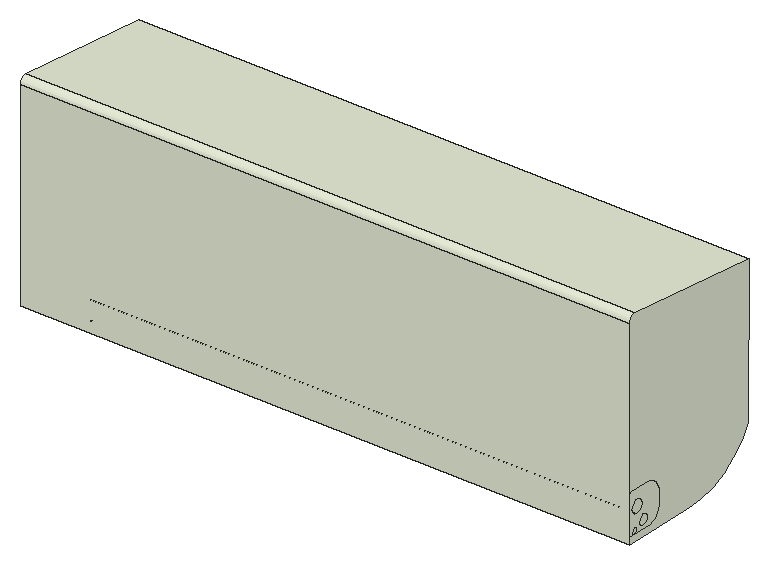
Revit family "Trane_TVR_Indoor_Wall mounted_4TVW0007(09)EF000AA(2nd DC)", category Equipamento mecânico, Revit 2019
Family settings
  Cota do conector redondo = Utilizar diâmetro
  Tipo de parte = Normal
  Número OmniClass = 23.75.00.00
  Título OmniClass = Climate Control (HVAC)
  Com base no plano de trabalho = Não
  Sempre na vertical = Sim
  Corte com vazios quando carregada = Não
  Compartilhado = Não
  Ponto de cálculo do ambiente = Não
Parameters (values of type "4TVW0007EF000AA")
  clearance access right = 0.000 mm
  clearance access left = 0.000 mm
  clearance access front = 0.000 mm
  clearance access behind = 0.000 mm
  clearance [instance] = no
  Width = 835.000 mm
  URL = "https://www.trane.com/commercial/latin-america/br/pt.html"
  Series = "TVR ULTRA"
  Power supply = "220-240V ~50/60Hz"
  Panel color = "S1022"
  Net Weight = 8.40 kg
  Modelo = "4TVW0007EF000AA"
  Minimum Circuit Amps = 0.3 A
  Maximum Fuse Amps = 15 A
  Fabricante = "Trane"
  Machine material = Galvanized Steel
  Liquid pipe = 6.350 mm
  Installation = "Indoor installation"
  Height = 280.000 mm
  Heating Power Input = 28 W
  Heating Capacity = 2.4 kW
  Gas pipe = 12.700 mm
  Gas = "R410a"
  Descrição = "High efficiency air cooled"
  Depth = 203.000 mm
  Cooling Power Input = 28 W
  Cooling Capacity = 2.2 kW
  Condensation = "air"
  Air  Flow = "422/411/402/393/380/368/356 m3/h"
Types (3, lengths in mm): name | Net Weight | Modelo | Heating Capacity | Cooling Capacity | Air  Flow
  (no name) | 8.40 kg | "4TVW0007EF000AA" | 2.4 kW | 2.2 kW | "422/411/402/393/380/368/356 m3/h"
  4TVW0009EF000AA | 9.50 kg | "4TVW0009EF000AA" | 3.2 kW | 2.8 kW | "417/402/386/370/353/338/316 m3/h"
  4TVW0007EF000AA | 8.40 kg | "4TVW0007EF000AA" | 2.4 kW | 2.2 kW | "422/411/402/393/380/368/356 m3/h"
Reference planes
  plane 1 "center(front/back)": y = 0
  plane 2: z = 0
  plane 3 "center(left/right)": x = 0
  plane 4: z = 280
Forms (mm)
  Extrusion 1, solid, material "Galvanized Steel" <- "Machine material", detail levels fine
    sketch origin (0, 125, 12.5) x (0, 1, 0) y (0, 0, 1)
      loop
        circle (-113.005, 29.131) r 8.25
    from -327.547 to 417.5
  Extrusion 2, solid, material "Galvanized Steel" <- "Machine material", detail levels fine
    sketch origin (0, 123.592, 9.769) x (0, 1, 0) y (0, 0, 1)
      loop
        circle (-100.476, 10.907) r 6.35
    from -327.547 to 417.5
  Extrusion 3, solid, material "Galvanized Steel" <- "Machine material", detail levels fine
    sketch origin (0, 127.199, 0) x (0, 1, 0) y (0, 0, 1)
      loop
        circle (-119.554, 12.9) r 3.175
    from -327.547 to 417.5
  Extrusion 4, solid, material "Galvanized Steel" <- "Machine material", detail levels medium+fine
    sketch origin (0, 0, 0) x (0, 1, 0) y (0, 0, 1)
      loop
        line (-0.378, 0) -> (101.5, 0)
        arc (101.5, 0) -> (160.454, 16.122) -> (203, 60) r 115.852
        line (203, 60) -> (203, 260.897) -> (9.191, 279.991)
        arc (9.191, 279.991) -> (2.424, 277.189) -> (-0.378, 270.422) r 9.569
        line (-0.378, 270.422) -> (-0.378, 0)
    from 417.5 to -417.5
  Extrusion 5, solid, material "Galvanized Steel" <- "Machine material", detail levels fine
    sketch origin (0, 0, 0) x (0, 1, 0) y (0, 0, 1)
      loop
        arc (101.5, 0) -> (137.495, 5.734) -> (169.928, 22.368) r 115.852
        line (169.928, 22.368) -> (162.857, 29.439) -> (91.134, 7.511) -> (91.134, 0) -> (101.5, 0)
    from 357.5 to -357.5
  Extrusion 6, solid, material "Galvanized Steel" <- "Machine material", detail levels fine
    sketch origin (0, 0, 0) x (0, 1, 0) y (0, 0, 1)
      loop
        line (0, 63) -> (0, 9) -> (30, 9)
        arc (30, 9) -> (44.142, 14.858) -> (50, 29) r 20
        line (50, 29) -> (50, 43)
        arc (50, 43) -> (44.142, 57.142) -> (30, 63) r 20
        line (30, 63) -> (0, 63)
    from 417.5 to -417.5
Lines and regions (mm)
  model lines, detail levels fine
    curve 1: line (357.5, 178.85, 263.276) -> (-242.5, 178.85, 263.276)
    curve 2: line (-242.5, 178.85, 263.276) -> (-242.5, 29.66, 277.975)
    curve 3: line (-242.5, 29.66, 277.975) -> (357.5, 29.66, 277.975)
    curve 4: line (357.5, 29.66, 277.975) -> (357.5, 178.85, 263.276)
    curve 5: line (57.5, 29.66, 277.975) -> (57.5, 178.85, 263.276)
    curve 6: line (207.5, 29.66, 277.975) -> (207.5, 178.85, 263.276)
    curve 7: line (-92.5, 29.66, 277.975) -> (-92.5, 178.85, 263.276)
    curve 8: line (282.5, 29.66, 277.975) -> (282.5, 178.85, 263.276)
    curve 9: line (132.5, 29.66, 277.975) -> (132.5, 178.85, 263.276)
    curve 10: line (-17.5, 29.66, 277.975) -> (-17.5, 178.85, 263.276)
    curve 11: line (-167.5, 29.66, 277.975) -> (-167.5, 178.85, 263.276)
    curve 12: line (357.5, 79.42, 273.072) -> (-242.5, 79.42, 273.072)
    curve 13: line (357.5, 129.091, 268.179) -> (-242.5, 129.091, 268.179)
    curve 14: line (279.5, 29.66, 277.975) -> (279.5, 178.85, 263.276)
    curve 15: line (204.5, 29.66, 277.975) -> (204.5, 178.85, 263.276)
    curve 16: line (129.5, 29.66, 277.975) -> (129.5, 178.85, 263.276)
    curve 17: line (54.5, 29.66, 277.975) -> (54.5, 178.85, 263.276)
    curve 18: line (-20.5, 29.66, 277.975) -> (-20.5, 178.85, 263.276)
    curve 19: line (-95.5, 29.66, 277.975) -> (-95.5, 178.85, 263.276)
    curve 20: line (-170.5, 29.66, 277.975) -> (-170.5, 178.85, 263.276)
    curve 21: line (357.5, 76.434, 273.366) -> (-242.5, 76.434, 273.366)
    curve 22: line (357.5, 132.077, 267.884) -> (-242.5, 132.077, 267.884)
  model lines
    curve 23: line (417.5, 203, 260.897) -> (417.5, 9.191, 279.991)
    curve 24: line (417.5, 9.191, 279.991) -> (-417.5, 9.191, 279.991)
    curve 25: line (-417.5, 9.191, 279.991) -> (-417.5, 203, 260.897)
    curve 26: line (-417.5, 203, 260.897) -> (417.5, 203, 260.897)
    curve 27: line (-417.5, 203, 260.897) -> (-417.5, 203, 60)
    curve 28: line (-417.5, -0.378, 270.422) -> (-417.5, -0.378, 0)
    curve 29: arc (-417.5, 9.191, 279.991) -> (-417.5, 2.424, 277.189) -> (-417.5, -0.378, 270.422) r 9.569
    curve 30: line (-417.5, -0.378, 0) -> (-417.5, 101.5, 0)
    curve 31: arc (-417.5, 101.5, 0) -> (-417.5, 160.454, 16.122) -> (-417.5, 203, 60) r 115.852
    curve 32: line (417.5, -0.378, 270.422) -> (417.5, -0.378, 0)
    curve 33: arc (417.5, 9.191, 279.991) -> (417.5, 2.424, 277.189) -> (417.5, -0.378, 270.422) r 9.569
    curve 34: line (417.5, 203, 60) -> (417.5, 203, 260.897)
    curve 35: line (417.5, -0.378, 0) -> (417.5, 101.5, 0)
    curve 36: arc (417.5, 101.5, 0) -> (417.5, 160.454, 16.122) -> (417.5, 203, 60) r 115.852
    curve 37: line (417.5, 203, 60) -> (-417.5, 203, 60)
    curve 38: line (-417.5, -0.378, 0) -> (417.5, -0.378, 0)
Dimensions and locks
  "Width": Extrusion 4 to Extrusion 4
  "Depth": Extrusion 4 to Extrusion 6
  "Height": level to plane 4
  "Liquid pipe": diameter of Extrusion 3
  "Gas pipe": diameter of Extrusion 2
  aligned and locked: level to plane 2
Automatic sketch dimensions
  Extrusion 1 sketch curve to plane 1 "center(front/back)" = 11.995 mm
  level to Extrusion 1 sketch curve = 41.631 mm
  Extrusion 2 sketch curve to plane 1 "center(front/back)" = 23.116 mm
  level to Extrusion 2 sketch curve = 20.676 mm
  Extrusion 3 sketch curve to plane 1 "center(front/back)" = 7.645 mm
  level to Extrusion 3 sketch curve = 12.900 mm
  plane 1 "center(front/back)" to Extrusion 4 sketch curve = 0.378 mm
  Extrusion 4 sketch curve to level = 0.000 mm
  level to Extrusion 4 sketch curve = 60.000 mm
  Extrusion 4 sketch curve to plane 1 "center(front/back)" = 9.191 mm
  Extrusion 4 sketch curve to plane 1 "center(front/back)" = 101.500 mm
  Extrusion 4 sketch curve to Extrusion 4 sketch curve = 101.500 mm
  Extrusion 4 sketch curve to Extrusion 4 sketch curve = 145.045 mm
  Extrusion 4 sketch curve to Extrusion 4 sketch curve = 154.570 mm
  Extrusion 5 sketch curve to level = 0.000 mm
  Extrusion 5 sketch curve to plane 1 "center(front/back)" = 91.134 mm
  level to Extrusion 5 sketch curve = 7.511 mm
  Extrusion 5 sketch curve to Extrusion 5 sketch curve = 10.366 mm
  level to Extrusion 5 sketch curve = 29.439 mm
  Extrusion 5 sketch curve to Extrusion 5 sketch curve = 61.357 mm
  level to Extrusion 5 sketch curve = 22.368 mm
  Extrusion 5 sketch curve to Extrusion 5 sketch curve = 7.071 mm
  Extrusion 6 sketch curve to plane 1 "center(front/back)" = 0.000 mm
  level to Extrusion 6 sketch curve = 9.000 mm
  Extrusion 6 sketch curve to plane 1 "center(front/back)" = 30.000 mm  (x2)
  Extrusion 6 sketch curve to Extrusion 6 sketch curve = 20.000 mm
  Extrusion 6 sketch curve to Extrusion 6 sketch curve = 14.000 mm
  curve 23 to Extrusion 4 = 0.000 mm
  Extrusion 4 to curve 23 = 0.000 mm  (x2)
  curve 24 to Extrusion 4 = 0.000 mm
  Extrusion 4 to curve 2 = 24.267 mm
  curve 2 to Extrusion 4 = 20.569 mm
  curve 4 to curve 22 = 47.000 mm
  curve 22 to curve 13 = 3.000 mm
  curve 12 to curve 2 = 50.000 mm
  curve 12 to curve 21 = 3.000 mm
  Extrusion 4 to curve 2 = 175.000 mm
  Extrusion 4 to curve 4 = 60.000 mm
  curve 1 to curve 20 = 72.000 mm
  curve 20 to curve 11 = 3.000 mm
  curve 11 to curve 19 = 72.000 mm
  curve 19 to curve 7 = 3.000 mm
  curve 7 to curve 18 = 72.000 mm
  curve 18 to curve 10 = 3.000 mm
  curve 10 to curve 17 = 72.000 mm
  curve 17 to curve 5 = 3.000 mm
  curve 5 to curve 16 = 72.000 mm
  curve 16 to curve 9 = 3.000 mm
  curve 9 to curve 15 = 72.000 mm
  curve 15 to curve 6 = 3.000 mm
  curve 6 to curve 14 = 72.000 mm
  curve 14 to curve 8 = 3.000 mm
  curve 27 to Extrusion 4 = 0.000 mm
  Extrusion 4 to curve 27 = 0.000 mm
  curve 34 to Extrusion 4 = 0.000 mm  (x2)
  curve 37 to Extrusion 4 = 0.000 mm  (x3)
  Extrusion 4 to curve 38 = 0.000 mm
  curve 38 to Extrusion 4 = 0.000 mm  (x2)
  radius of Extrusion 1 sketch curve = 8.250 mm
  radius of Extrusion 2 sketch curve = 6.350 mm
  radius of Extrusion 3 sketch curve = 3.175 mm
  radius of curve 29 to Extrusion 4 = 0.000 mm
  radius of curve 31 to Extrusion 4 = 0.000 mm
  radius of curve 33 to Extrusion 4 = 0.000 mm
  radius of curve 36 to Extrusion 4 = 0.000 mm
Connectors
  piping at (417.5, 11.995, 41.631), diameter 16.5
    settings: on Extrusion 1, index 5, connector inside diameter 16.5 mm, connector length 0.000 mm, flow factor 0, pipe flow 0.0 m³/h, pressure drop 0.0 Pa, fitting loss kfactor 0, connector angle 0.00°, fixture units 0, engagement length 0.000 mm, angle of deflection 0.00°, flow configuration 1, flow direction 2, fitting loss method 0, system type 29, joint type 0, gender type 0, connector reference index -1, connector utility 0, adjustable connector no, is connector primary yes, connector description "Drain pipe OD Φ 16.5mm"
  piping at (417.5, 23.116, 20.676), diameter 12.7
    settings: on Extrusion 2, index 6, connector inside diameter 12.7 mm, connector length 0.000 mm, flow factor 0, pipe flow 0.0 m³/h, pressure drop 0.0 Pa, fitting loss kfactor 0, connector angle 0.00°, fixture units 0, engagement length 0.000 mm, angle of deflection 0.00°, flow configuration 1, flow direction 0, fitting loss method 4, system type 22, joint type 0, gender type 0, connector reference index -1, connector utility 0, adjustable connector no, is connector primary no, connector description "Gas pipe Φ12.7mm"
  piping at (417.5, 7.645, 12.9), diameter 6.35
    settings: on Extrusion 3, index 7, connector inside diameter 6.35 mm, connector length 0.000 mm, flow factor 0, pipe flow 0.0 m³/h, pressure drop 0.0 Pa, fitting loss kfactor 0, connector angle 0.00°, fixture units 0, engagement length 0.000 mm, angle of deflection 0.00°, flow configuration 1, flow direction 0, fitting loss method 4, system type 22, joint type 0, gender type 0, connector reference index -1, connector utility 0, adjustable connector no, is connector primary no, connector description "Liquid pipe Φ6.35mm"
  electrical at (-417.5, 26.667, 36)
    settings: on Extrusion 6, index 8, voltage 220 V, apparent load 0 VA, apparent load phase1 0 VA, apparent load phase2 0 VA, apparent load phase3 0 VA, power factor 1, load classification "Power", number of poles 1, system type 30, power factor state 1, is connector primary yes, connector utility no, sub classification motor no, connector description "The location of electrical connectors is not the same as the actual location because the wiring terminal is inside the unit."
